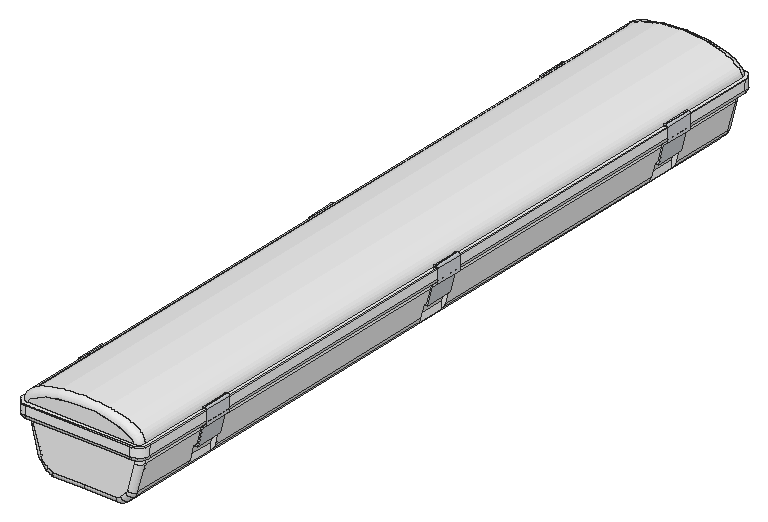
Revit family "0048772 Feilo Sylvania Lighting Fixture HYDROPROOF LED G3 600MM T 4K D", category Lighting Fixtures, host Face, Revit 2016
Family settings
  Host = Face
  Part Type = Normal
  Round Connector Dimension = Use Diameter
  OmniClass Number = 23.80.70.11.14
  OmniClass Title = General Luminaries, Directional
  Cut with Voids When Loaded = No
  Light Source = Yes
  Shared = No
  Room Calculation Point = No
Parameters (values of type "0048772 HYDROPROOF LED G3 600MM T 4K D")
  Width = 110 mm
  Weight = "1.18 kg"
  Wattage Comments = "n/a"
  Wattage = 19 W
  WarrantyStartDate [instance] = "n/a"
  WarrantyGuarantorParts = "n/a"
  WarrantyDurationUnit = "n/a"
  WarrantyDurationParts = "n/a"
  WarrantyDescription = "n/a"
  built-in parameter 1150110 = 1 (stored number, unit not read)
  Voltage = 230 V
  URL = "http://www.sylvania-lighting.com"
  TypeName = "HYDROPROOF LED G3 600MM T 4K D"
  Type Image = <None>
  Type Comments = "n/a"
  built-in parameter 1114217 = 1 (stored number, unit not read)
  Tilt Angle = -90.00°
  built-in parameter 1150109 = 1 (stored number, unit not read)
  built-in parameter 1150134 = 12
  built-in parameter 1150113 = 1 (stored number, unit not read)
  SerialNumber [instance] = "n/a"
  ReflectorMaterial = none
  PowerFactor = 0
  PowerConsumption = "19 W"
  Photometric Web File = "0048772.ies"
  NominalWidth = 0 mm
  NominalLength = 665 mm
  NominalHeight = 78 mm
  Name = "HYDROPROOF LED G3 600MM T 4K D"
  ModelReference = "HYDROPROOF LED G3 600MM T 4K D"
  ModelNumber = "0048772"
  Model = "HYDROPROOF LED G3 600MM T 4K D"
  Material = "grp housing, pmma diffuser"
  ManufacturerName = "Feilo Sylvania"
  Manufacturer = "Feilo Sylvania"
  LuminousEfficacy = "145 lm/W"
  built-in parameter 1150105 = 219.24 (stored number, unit not read)
  Lumens = 2755 lm
  LuminaireType = ""
  built-in parameter 1150115 = 1 (stored number, unit not read)
  LightOutputRatio = "n/a"
  built-in parameter 1150137 = (empty or 0)
  built-in parameter 1150139 = (empty or 0)
  Length = 665 mm
  LampsType = Lamp  # "LED"
  LampNominalLuminous = "2800 lm"
  LampMacAdamStep = "3"
  LampColourTemperature = "4000 K"
  LampColourRenderingIndex = "80"
  built-in parameter 1150112 = 1 (stored number, unit not read)
  built-in parameter 1150114 = 1 (stored number, unit not read)
  Lamp = "LED"
  Keynote = "16500"
  InstallationDate [instance] = "n/a"
  InputVoltage = "220-240V~"
  InputNominalFrequency = "DC/50/60 Hz"
  built-in parameter 1150132 = (empty or 0)
  built-in parameter 1150102 = (empty or 0)
  built-in parameter 1150107 = 4000 (stored number, unit not read)
  built-in parameter 1150138 = (empty or 0)
  IngressProtection = "IP65"
  ImpactProtectionIndex = "IK02"
  built-in parameter 1150106 = 2.1924 (stored number, unit not read)
  IfcExportType = "IfcLightFixtureType"
  IfcExportAs = "IfcLightFixtureType"
  ExpectedLife = 50000
  Emit from Rectangle Width = Width - 20 mm  # 90 mm
  Emit from Rectangle Length = Length - 20 mm  # 645 mm
  Emit Shape Visible in Rendering = no
  ElectricShockClassification = "Class I"
  built-in parameter 1150104 = 13.471 (stored number, unit not read)
  DurationUnit = "hours"
  DocumentationLiterature = "http://www.sylvania-lighting.com/product/en-int/products/0048772"
  DimmingControlOptions = "Dimmable"
  Dimming Lamp Color Temperature Shift = <None>
  DiffuserMaterial = Diffuser-Sylvania-Transparent
  Description = "Hydroproof, integrated LED chemical resistant weatherproof luminaire, with UV stabilized flat diffuser and linear prisms designed to achieve uniform lit appearance, optimise light output and to reduce glare, stainless steel diffuser clips and fixing brackets for surface and wall mounting. L 665 mm x W 110 mm x H 78 mm size, GRP housing, PMMA diffuser, DALI dimmable, 4000K, CRI80,  2800 lm, 19 W, 145 lm/W, nominal average life (h):50000, energy class: A++ A+ A Class I,IK02, IP65."
  Default Elevation = 1219.2 mm
  CreatedOn = "3/27/2018"
  CreatedBy = "aron.fodor@feilosylvania.com"
  Cost = 0
  Color Filter = 16777215
  built-in parameter 1114216 [instance] = (empty or 0)
  ClassificationValue = "EF_70_80"
  ClassificationName = "Uniclass2015"
  BracketOffset_FEILO = 360 mm
  BodyMaterial = Body-Sylvania-Gray
  BarCode [instance] = "n/a"
  built-in parameter 1114218 = 1 (stored number, unit not read)
  built-in parameter 1150133 = 10 (stored number, unit not read)
  AssetType = "Fixed"
  AssetIdentifier [instance] = "n/a"
  Assembly Code = "D5020200"
  Apparent Load = 19 VA
  AccessoryMaterial = Diffuser-Sylvania-Glow
Reference planes
  plane 1 "Center (Front/Back)": y = 0
  plane 2: z = 0
  plane 3 "Center (Left/Right)": x = 0
  plane 4: z = 54
  plane 5: x = -27.7
  plane 6: x = -34.8
  plane 7: x = -39.6
  plane 8: x = -42.2
  plane 9: z = 3
  plane 10: z = 7.8
  plane 11: z = 12.3
  plane 12: z = 36.6
  plane 13: z = 42.8
  plane 14: x = -51.1
  plane 15: z = 46.2
  plane 16: x = -55
  plane 17: y = 332.5
  plane 18: y = -332.5
  plane 19: x = 27.7
  plane 20: x = 34.8
  plane 21: x = 39.6
  plane 22: x = 42.2
  plane 23: x = 51.1
  plane 24: x = 55
  plane 25: y = 324.9
  plane 26: y = -324.9
  plane 27: y = -321.2
  plane 28: y = 321.2
  plane 29: z = 74
  plane 30: x = -51.5
  plane 31: x = 51.5
  plane 32: z = 55.2
  plane 33: y = -329
  plane 34: y = 329
  plane 35: x = -37.5
  plane 36: x = 37.5
  plane 37: x = -48.7
  plane 38: x = 48.7
  plane 39: x = 18
  plane 40: x = -18
  plane 41: z = 50.2
  plane 42: z = 24.6
  plane 43: y = 720
  plane 44: y = 706
  plane 45: y = 734
  plane 46: y = 250
  plane 47: y = 236
  plane 48: y = 264
  plane 49: y = 0
  plane 50: y = -14
  plane 51: y = 14
  plane 52: y = -250
  plane 53: y = -264
  plane 54: y = -236
Forms (mm)
  Sweep 1, solid, material "Body-Sylvania-Gray" <- "BodyMaterial", detail levels medium+fine
    path origin (1223.4, -4572, 54) x (0, -1, 0) y (1, 0, 0)
      loop
        arc (-4249.5, -1278.4) -> (-4242.429, -1275.471) -> (-4239.5, -1268.4) r 10
        line (-4239.5, -1268.4) -> (-4239.5, -1178.4)
        arc (-4239.5, -1178.4) -> (-4242.429, -1171.329) -> (-4249.5, -1168.4) r 10
        line (-4249.5, -1168.4) -> (-4894.5, -1168.4)
        arc (-4894.5, -1168.4) -> (-4901.571, -1171.329) -> (-4904.5, -1178.4) r 10
        line (-4904.5, -1178.4) -> (-4904.5, -1268.4)
        arc (-4904.5, -1268.4) -> (-4901.571, -1275.471) -> (-4894.5, -1278.4) r 10
        line (-4894.5, -1278.4) -> (-4249.5, -1278.4)
    profile origin (-55, 0, 54) x (-1, 0, 0) y (0, 0, 1)
      loop
        line (0, 0) -> (-1, 0) -> (-1, -7.726)
        arc (-1, -7.726) -> (-1.994, -9.498) -> (-3.9, -10.2) r 2.937
        line (-3.9, -10.2) -> (-8.571, -10.2) -> (-8.571, -11.2) -> (-3.9, -11.2)
        arc (-3.9, -11.2) -> (-1.313, -10.231) -> (0, -7.8) r 3.937
        line (0, -7.8) -> (0, 0)
  Sweep 2, solid, material "Body-Sylvania-Gray" <- "BodyMaterial", detail levels medium+fine
    path origin (0, 0, 0) x (1, 0, 0) y (0, 0, 1)
      loop
        line (48.7, 42.8) -> (48.7, 36.6) -> (42.203, 12.31)
        arc (42.203, 12.31) -> (41.199, 9.884) -> (39.6, 7.8) r 10.052
        line (39.6, 7.8) -> (34.8, 3)
        arc (34.8, 3) -> (31.554, 0.781) -> (27.7, 0) r 9.902
        line (27.7, 0) -> (0, 0) -> (-27.7, 0)
        arc (-27.7, 0) -> (-31.554, 0.781) -> (-34.8, 3) r 9.902
        line (-34.8, 3) -> (-39.6, 7.8)
        arc (-39.6, 7.8) -> (-41.199, 9.884) -> (-42.203, 12.31) r 10.052
        line (-42.203, 12.31) -> (-48.7, 36.6) -> (-48.7, 42.8)
    profile origin (0, 0, 0) x (0, 0, -1) y (0, -1, 0)
      loop
        arc (0, 319.9) -> (-1.464, 323.436) -> (-5, 324.9) r 5
        line (-5, 324.9) -> (-7.8, 324.9) -> (-7.8, -324.9) -> (-5, -324.9)
        arc (-5, -324.9) -> (-1.464, -323.436) -> (0, -319.9) r 5
        line (0, -319.9) -> (0, 319.9)
  Extrusion 3, solid, material "Body-Sylvania-Gray" <- "BodyMaterial", detail levels medium+fine
    sketch origin (1524, 324.9, 1219.2) x (1, 0, 0) y (0, 0, 1)
      loop
        arc (-1558.668, -1204.874) -> (-1558.443, -1205.418) -> (-1558.085, -1205.885) r 2.252
        line (-1558.085, -1205.885) -> (-1553.231, -1210.738)
        arc (-1553.231, -1210.738) -> (-1552.534, -1211.227) -> (-1551.7, -1211.4) r 2.102
        line (-1551.7, -1211.4) -> (-1496.3, -1211.4)
        arc (-1496.3, -1211.4) -> (-1495.466, -1211.227) -> (-1494.769, -1210.738) r 2.102
        line (-1494.769, -1210.738) -> (-1489.915, -1205.885)
        arc (-1489.915, -1205.885) -> (-1489.557, -1205.418) -> (-1489.332, -1204.874) r 2.252
        line (-1489.332, -1204.874) -> (-1483.1, -1181.575) -> (-1483.1, -1176.4) -> (-1564.9, -1176.4) -> (-1564.9, -1181.575) -> (-1558.668, -1204.874)
    from 0 to 649.8
  Sweep 4, solid, material "Diffuser-Sylvania-Transparent" <- "DiffuserMaterial", detail levels medium+fine
    path origin (0, 0, 0) x (1, 0, 0) y (0, 0, 1)
      loop
        spline (-51.5, 55.2) -> (-49.745, 60.066) -> (-44.6, 64.6) -> (-36.416, 68.494) -> (-25.75, 71.481) -> (-13.329, 73.359) -> (0, 74) -> (13.329, 73.359) -> (25.75, 71.481) -> (36.416, 68.494) -> (44.6, 64.6) -> (49.745, 60.066) -> (51.5, 55.2)
    profile origin (51.5, 0, 55.2) x (0, -1, 0) y (1, 0, 0)
      loop
        arc (329, -5.5) -> (327.389, -1.611) -> (323.5, 0) r 5.5
        line (323.5, 0) -> (-323.5, 0)
        arc (-323.5, 0) -> (-327.389, -1.611) -> (-329, -5.5) r 5.5
        line (-329, -5.5) -> (-329, -6.3) -> (-328, -6.3) -> (-328, -5.5)
        arc (-328, -5.5) -> (-326.682, -2.318) -> (-323.5, -1) r 4.5
        line (-323.5, -1) -> (323.5, -1)
        arc (323.5, -1) -> (326.682, -2.318) -> (328, -5.5) r 4.5
        line (328, -5.5) -> (328, -6.347) -> (329, -6.347) -> (329, -5.5)
  Extrusion 5, solid, material "Diffuser-Sylvania-Transparent" <- "DiffuserMaterial", detail levels medium+fine
    sketch origin (1524, -329, 1219.2) x (1, 0, 0) y (0, 0, 1)
      loop
        line (-1569.653, -1164) -> (-1478.347, -1164)
        spline (-1478.347, -1164) -> (-1478.969, -1162.594) -> (-1482.527, -1159.545) -> (-1489.588, -1156.201) -> (-1499.458, -1153.445) -> (-1511.242, -1151.663) -> (-1524, -1151.049) -> (-1536.758, -1151.663) -> (-1548.542, -1153.445) -> (-1558.412, -1156.201) -> (-1565.473, -1159.545) -> (-1569.031, -1162.594) -> (-1569.653, -1164)
    from 0 to -1
  Extrusion 6, solid, material "Diffuser-Sylvania-Transparent" <- "DiffuserMaterial", detail levels medium+fine
    sketch origin (1524, 329, 1219.2) x (1, 0, 0) y (0, 0, 1)
      loop
        spline (-1478.3, -1164) -> (-1478.931, -1162.565) -> (-1482.502, -1159.505) -> (-1489.572, -1156.155) -> (-1499.446, -1153.394) -> (-1511.236, -1151.614) -> (-1524, -1151.007) -> (-1536.764, -1151.614) -> (-1548.554, -1153.394) -> (-1558.428, -1156.155) -> (-1565.498, -1159.505) -> (-1569.069, -1162.565) -> (-1569.7, -1164)
        line (-1569.7, -1164) -> (-1478.3, -1164)
    from 0 to 1
  Extrusion 7, solid, material "Diffuser-Sylvania-Transparent" <- "DiffuserMaterial", detail levels medium+fine
    sketch origin (1223.4, -4572, 55.2) x (0, -1, 0) y (-1, 0, 0)
      loop
        arc (-4900, 1177.4) -> (-4898.682, 1174.218) -> (-4895.5, 1172.9) r 4.5
        line (-4895.5, 1172.9) -> (-4248.5, 1172.9)
        arc (-4248.5, 1172.9) -> (-4245.318, 1174.218) -> (-4244, 1177.4) r 4.5
        line (-4244, 1177.4) -> (-4244, 1269.4)
        arc (-4244, 1269.4) -> (-4245.318, 1272.582) -> (-4248.5, 1273.9) r 4.5
        line (-4248.5, 1273.9) -> (-4895.5, 1273.9)
        arc (-4895.5, 1273.9) -> (-4898.682, 1272.582) -> (-4900, 1269.4) r 4.5
        line (-4900, 1269.4) -> (-4900, 1177.4)
      loop
        line (-4904.5, 1268.4) -> (-4904.5, 1178.4)
        arc (-4904.5, 1178.4) -> (-4901.571, 1171.329) -> (-4894.5, 1168.4) r 10
        line (-4894.5, 1168.4) -> (-4249.5, 1168.4)
        arc (-4249.5, 1168.4) -> (-4242.429, 1171.329) -> (-4239.5, 1178.4) r 10
        line (-4239.5, 1178.4) -> (-4239.5, 1268.4)
        arc (-4239.5, 1268.4) -> (-4242.429, 1275.471) -> (-4249.5, 1278.4) r 10
        line (-4249.5, 1278.4) -> (-4894.5, 1278.4)
        arc (-4894.5, 1278.4) -> (-4901.571, 1275.471) -> (-4904.5, 1268.4) r 10
    from 0 to 1.2
  Extrusion 8, solid, material "Diffuser-Sylvania-Glow" <- "AccessoryMaterial", detail levels fine
    sketch origin (0, 0, 0) x (1, 0, 0) y (0, 0, 1)
      loop
        circle (-18, 50.2) r 8
      loop
        circle (18, 50.2) r 8
    from -321.2 to 321.2
  Extrusion 9, solid, material "Body-Sylvania-Gray" <- "BodyMaterial", detail levels coarse
    sketch origin (0, 0, 0) x (1, 0, 0) y (0, 0, 1)
      loop
        line (55, 42.8) -> (55, 55.2) -> (-55, 55.2) -> (-55, 42.791) -> (-42.2, 0) -> (42.2, 0) -> (55, 42.8)
    from -332.5 to 332.5
  Extrusion 10, solid, material "Diffuser-Sylvania-Transparent" <- "DiffuserMaterial", detail levels coarse
    sketch origin (0, 0, 0) x (1, 0, 0) y (0, 0, 1)
      loop
        arc (51.5, 55.2) -> (0, 74) -> (-51.5, 55.2) r 79.939
        line (-51.5, 55.2) -> (51.5, 55.2)
    from 324.9 to -324.9
  Extrusion 11, void, not visible
    sketch origin (0, 720, 2343.807) x (0, 0, -1) y (-1, 0, 0)
      loop
        line (2340.807, -37.5) -> (2331.507, -37.5) -> (2319.207, -42.2) -> (2319.207, -48.7) -> (2340.807, -48.7) -> (2340.807, -37.5)
      loop
        line (2340.807, 37.5) -> (2340.807, 48.7) -> (2319.207, 48.7) -> (2319.207, 42.2) -> (2331.507, 37.5) -> (2340.807, 37.5)
    from -14 to 14
  Extrusion 12, void
    sketch origin (0, 250, 2343.807) x (0, 0, -1) y (-1, 0, 0)
      loop
        line (2340.807, -37.5) -> (2331.507, -37.5) -> (2319.207, -42.2) -> (2319.207, -48.7) -> (2340.807, -48.7) -> (2340.807, -37.5)
      loop
        line (2340.807, 37.5) -> (2340.807, 48.7) -> (2319.207, 48.7) -> (2319.207, 42.2) -> (2331.507, 37.5) -> (2340.807, 37.5)
    from -14 to 14
  Extrusion 13, void
    sketch origin (0, 0, 2343.807) x (0, 0, -1) y (-1, 0, 0)
      loop
        line (2340.807, -37.5) -> (2331.507, -37.5) -> (2319.207, -42.2) -> (2319.207, -48.7) -> (2340.807, -48.7) -> (2340.807, -37.5)
      loop
        line (2340.807, 37.5) -> (2340.807, 48.7) -> (2319.207, 48.7) -> (2319.207, 42.2) -> (2331.507, 37.5) -> (2340.807, 37.5)
    from -14 to 14
  Extrusion 14, void
    sketch origin (0, -250, 2343.807) x (0, 0, -1) y (-1, 0, 0)
      loop
        line (2340.807, -37.5) -> (2331.507, -37.5) -> (2319.207, -42.2) -> (2319.207, -48.7) -> (2340.807, -48.7) -> (2340.807, -37.5)
      loop
        line (2340.807, 37.5) -> (2340.807, 48.7) -> (2319.207, 48.7) -> (2319.207, 42.2) -> (2331.507, 37.5) -> (2340.807, 37.5)
    from -14 to 14
Cuts and joins
  Extrusion 12, Extrusion 13, Extrusion 14 cuts Sweep 2
  Extrusion 12, Extrusion 13, Extrusion 14 cuts Extrusion 3
  joined: Sweep 2, Extrusion 3
  joined: Sweep 4, Extrusion 5, Extrusion 6
Dimensions and locks
  locked: plane 4 to plane 2 at 54
  plane 5 to plane 6 to plane 7 to plane 8 to plane 14 to plane 16 = 7.1 mm locked, 4.8 mm locked, 2.6 mm locked, 8.9 mm, 3.9 mm
  plane 4 to plane 15 to plane 13 to plane 12 to plane 11 to plane 10 to plane 9 = 7.8 mm locked, 3.4 mm, 6.2 mm locked, 24.3 mm locked, 4.5 mm locked, 4.8 mm locked
  equal spacing: plane 18, plane 1 "Center (Front/Back)", plane 17
  "Length": plane 18 to plane 17
  plane 19 to plane 20 to plane 21 to plane 22 to plane 23 to plane 24 = 7.1 mm locked, 4.8 mm locked, 2.6 mm locked, 8.9 mm, 3.9 mm
  equal spacing: plane 24, plane 3 "Center (Left/Right)", plane 16
  "Width": plane 24 to plane 16
  equal spacing: plane 27, plane 1 "Center (Front/Back)", plane 28
  locked: plane 26 to plane 27 at 3.7
  locked: Sweep 1 sketch curve to profile plane at 1
  locked: Sweep 1 sketch curve to plane 13 at 1
  locked: Sweep 1 sketch curve to plane 13 at 3.937  (x2)
  locked: Sweep 1 sketch curve to profile plane at 3.9  (x2)
  locked: plane 29 to plane 4 at 20
  equal spacing: plane 31, plane 3 "Center (Left/Right)", plane 30
  locked: plane 30 to plane 16 at 3.5
  locked: plane 32 to plane 4 at 1.2
  equal spacing: plane 33, plane 1 "Center (Front/Back)", plane 34
  equal spacing: plane 36, plane 3 "Center (Left/Right)", plane 35
  locked: plane 3 "Center (Left/Right)" to plane 35 at 37.5
  locked: plane 34 to plane 17 at 3.5
  equal spacing: plane 38, plane 3 "Center (Left/Right)", plane 37
  locked: plane 37 to plane 16 at 6.3
  equal spacing: plane 25, plane 1 "Center (Front/Back)", plane 26
  locked: plane 17 to plane 25 at 7.6
  locked: Sweep 2 sketch curve to plane 2 at 5  (x2)
  locked: Sweep 2 sketch curve to plane 26 at 5
  locked: plane 25 to Sweep 2 sketch curve at 5
  locked: Sweep 4 sketch curve to plane 31 at 5.5  (x2)
  locked: Sweep 4 sketch curve to plane 34 at 5.5
  plane 33 to Sweep 4 sketch curve = 5.5 mm
  locked: plane 34 to Sweep 4 sketch curve at 1
  locked: Sweep 4 sketch curve to plane 31 at 1
  locked: Sweep 4 sketch curve to Sweep 4 sketch curve at 1
  locked: Sweep 4 sketch curve to plane 31 at 6.347
  locked: Sweep 4 sketch curve to plane 31 at 6.3
  equal spacing: plane 39, plane 3 "Center (Left/Right)", plane 40
  locked: plane 3 "Center (Left/Right)" to plane 40 at 18
  locked: plane 42 to plane 2 at 24.6
  plane 45 to plane 43 to plane 44 = 14 mm locked, 14 mm locked
  plane 48 to plane 46 to plane 47 = 14 mm locked, 14 mm locked
  plane 51 to plane 49 to plane 50 = 14 mm locked, 14 mm locked
  plane 54 to plane 52 to plane 53 = 14 mm locked, 14 mm locked
  equal spacing: plane 46, plane 1 "Center (Front/Back)", plane 52
  locked: plane 46 to plane 1 "Center (Front/Back)" at 250
  aligned and locked: plane 2 to host face
  aligned and locked: level to host face
  aligned and locked: plane 16 to Sweep 1 sketch curve
  aligned and locked: Sweep 1 sketch curve to plane 24
  aligned and locked: plane 18 to Sweep 1 sketch curve
  aligned and locked: Sweep 1 sketch curve to plane 13
  aligned and locked: profile plane to Sweep 1 sketch curve
  aligned and locked: plane 3 "Center (Left/Right)" to Sweep 2 sketch curve
  aligned and locked: plane 9 to Sweep 2 sketch curve
  aligned and locked: plane 10 to Sweep 2 sketch curve
  aligned and locked: plane 37 to Sweep 2 sketch curve
  aligned and locked: plane 12 to Sweep 2 sketch curve
  aligned and locked: Sweep 2 sketch curve to level
  aligned and locked: plane 21 to Sweep 2 sketch curve
  aligned and locked: plane 38 to Sweep 2 sketch curve
  aligned and locked: profile plane to Sweep 2 sketch curve
  aligned and locked: plane 25 to Sweep 2 sketch curve
  aligned and locked: Sweep 2 sketch curve to plane 10
  aligned and locked: Extrusion 3 sketch curve to Sweep 2  (x7)
  aligned and locked: Sweep 2 to Extrusion 3 sketch curve
  aligned and locked: Extrusion 3 to plane 25
  aligned and locked: plane 26 to Extrusion 3
  aligned and locked: plane 32 to Sweep 4 sketch curve
  aligned and locked: plane 33 to Sweep 4 sketch curve
  aligned and locked: Sweep 4 to Extrusion 5
  aligned and locked: plane 33 to Extrusion 5
  aligned and locked: Extrusion 5 sketch curve to Sweep 4
  aligned and locked: cut or joined group of Sweep 4, Extrusion 5, Extrusion 6 to Extrusion 6 sketch curve
  aligned and locked: Extrusion 7 sketch curve to cut or joined group of Sweep 4, Extrusion 5, Extrusion 6  (x2)
  aligned and locked: cut or joined group of Sweep 4, Extrusion 5, Extrusion 6 to Extrusion 7 sketch curve  (x2)
  aligned and locked: plane 41 to Extrusion 8 sketch curve  (x2)
  aligned and locked: plane 39 to Extrusion 8 sketch curve
  aligned and locked: plane 27 to Extrusion 8
  aligned and locked: Extrusion 8 to plane 28
  aligned and locked: Extrusion 7 sketch curve to Sweep 1  (x4)
  aligned and locked: plane 4 to Extrusion 7
  aligned and locked: Extrusion 7 to plane 32
  aligned and locked: Extrusion 9 sketch curve to plane 24
  aligned and locked: Extrusion 9 sketch curve to Extrusion 7
  aligned and locked: plane 8 to Extrusion 9 sketch curve
  aligned and locked: plane 22 to Extrusion 9 sketch curve
  aligned and locked: level to Extrusion 9 sketch curve
  aligned and locked: Extrusion 9 to plane 17
  aligned and locked: plane 18 to Extrusion 9
  aligned and locked: cut or joined group of Sweep 4, Extrusion 5, Extrusion 6 to Extrusion 10 sketch curve
  aligned and locked: Extrusion 10 sketch curve to cut or joined group of Sweep 4, Extrusion 5, Extrusion 6  (x2)
  aligned and locked: plane 31 to Extrusion 10 sketch curve
  aligned and locked: plane 30 to Extrusion 10 sketch curve
  aligned and locked: plane 26 to Extrusion 10
  aligned and locked: Extrusion 10 to plane 25
  aligned and locked: imposter light to plane 29
  aligned and locked: plane 3 "Center (Left/Right)" to imposter light
  aligned and locked: plane 1 "Center (Front/Back)" to imposter light
  aligned and locked: plane 47 to Extrusion 12
  aligned and locked: Extrusion 12 to plane 48
  aligned and locked: plane 50 to Extrusion 13
  aligned and locked: Extrusion 13 to plane 51
  aligned and locked: plane 53 to Extrusion 14
  aligned and locked: Extrusion 14 to plane 54
  aligned and locked: nested 1 to plane 46
  aligned and locked: plane 46 to nested 6
  aligned and locked: nested 2 to plane 49
  aligned and locked: plane 49 to nested 5
  aligned and locked: nested 3 to plane 52
  aligned and locked: plane 52 to nested 4
  aligned and locked: plane 49 to plane 1 "Center (Front/Back)"
Automatic sketch dimensions
  host sketch curve to host sketch curve = 2438.4 mm  (x2)
  plane 17 to Sweep 1 sketch curve = 0 mm
  Sweep 1 sketch curve to plane 28 = 1.3 mm
  Sweep 1 sketch curve to plane 7 = 5.4 mm
  plane 27 to Sweep 1 sketch curve = 1.3 mm  (x2)
  Sweep 1 sketch curve to Sweep 1 sketch curve = 4.671 mm
  Sweep 1 sketch curve to plane 4 = 0 mm
  Sweep 2 sketch curve to plane 7 = 0 mm
  Sweep 2 sketch curve to plane 6 = 0 mm
  Sweep 2 sketch curve to plane 5 = 0 mm
  plane 19 to Sweep 2 sketch curve = 0 mm
  Sweep 2 sketch curve to plane 9 = 0 mm
  plane 20 to Sweep 2 sketch curve = 0 mm
  Sweep 2 sketch curve to plane 12 = 0 mm
  Sweep 2 sketch curve to plane 10 = 0 mm
  Sweep 2 sketch curve to plane 13 = 0 mm  (x2)
  Sweep 2 sketch curve to plane 8 = 0.003 mm
  plane 6 to Sweep 2 sketch curve = 2.308 mm
  plane 20 to Sweep 2 sketch curve = 2.308 mm
  Sweep 2 sketch curve to plane 22 = 0.003 mm
  Sweep 2 sketch curve to plane 11 = 0.01 mm  (x2)
  Extrusion 3 sketch curve to plane 5 = 0 mm
  plane 19 to Extrusion 3 sketch curve = 0 mm
  plane 6 to Extrusion 3 sketch curve = 0.132 mm
  plane 6 to Extrusion 3 sketch curve = 0.715 mm
  Extrusion 3 sketch curve to Extrusion 3 sketch curve = 1.592 mm
  Extrusion 3 sketch curve to plane 10 = 0.662 mm  (x2)
  plane 20 to Extrusion 3 sketch curve = 2.308 mm
  plane 20 to Extrusion 3 sketch curve = 0.715 mm
  plane 20 to Extrusion 3 sketch curve = 0.132 mm
  Sweep 4 sketch curve to plane 30 = 0 mm
  Sweep 4 sketch curve to plane 3 "Center (Left/Right)" = 0 mm
  Sweep 4 sketch curve to Sweep 4 sketch curve = 0 mm  (x2)
  plane 37 to Extrusion 5 sketch curve = 3.047 mm
  Extrusion 5 sketch curve to plane 38 = 3.047 mm
  plane 37 to Extrusion 6 sketch curve = 3 mm
  Extrusion 6 sketch curve to plane 38 = 3 mm
  plane 25 to Extrusion 7 sketch curve = 1.4 mm  (x2)
  Extrusion 7 sketch curve to plane 26 = 1.4 mm  (x2)
  Extrusion 8 sketch curve to plane 40 = 0 mm
  Extrusion 9 sketch curve to plane 13 = 0 mm
  plane 13 to Extrusion 9 sketch curve = 0.009 mm
  Extrusion 10 sketch curve to level = 5.939 mm
  Extrusion 9 sketch curve to plane 16 = 0 mm
  Extrusion 11 sketch curve to Extrusion 11 sketch curve = 0 mm
  Extrusion 11 sketch curve to Extrusion 11 sketch curve = 12.3 mm  (x2)
  Extrusion 11 sketch curve to Extrusion 11 sketch curve = 9.3 mm  (x2)
  Extrusion 11 sketch curve to Extrusion 11 sketch curve = 6.5 mm
  Extrusion 11 sketch curve to Extrusion 11 sketch curve = 4.7 mm  (x2)
  Extrusion 11 sketch curve to Extrusion 11 sketch curve = 75 mm
  Extrusion 11 sketch curve to Extrusion 11 sketch curve = 11.2 mm
  Extrusion 12 sketch curve to Extrusion 12 sketch curve = 0 mm
  Extrusion 12 sketch curve to Extrusion 12 sketch curve = 12.3 mm  (x2)
  Extrusion 12 sketch curve to Extrusion 12 sketch curve = 9.3 mm  (x2)
  Extrusion 12 sketch curve to Extrusion 12 sketch curve = 6.5 mm
  Extrusion 12 sketch curve to Extrusion 12 sketch curve = 4.7 mm  (x2)
  Extrusion 12 sketch curve to Extrusion 12 sketch curve = 75 mm
  Extrusion 12 sketch curve to Extrusion 12 sketch curve = 11.2 mm
  Extrusion 13 sketch curve to Extrusion 13 sketch curve = 0 mm
  Extrusion 13 sketch curve to Extrusion 13 sketch curve = 12.3 mm  (x2)
  Extrusion 13 sketch curve to Extrusion 13 sketch curve = 9.3 mm  (x2)
  Extrusion 13 sketch curve to Extrusion 13 sketch curve = 6.5 mm
  Extrusion 13 sketch curve to Extrusion 13 sketch curve = 4.7 mm  (x2)
  Extrusion 13 sketch curve to Extrusion 13 sketch curve = 75 mm
  Extrusion 13 sketch curve to Extrusion 13 sketch curve = 11.2 mm
  Extrusion 14 sketch curve to Extrusion 14 sketch curve = 0 mm
  Extrusion 14 sketch curve to Extrusion 14 sketch curve = 12.3 mm  (x2)
  Extrusion 14 sketch curve to Extrusion 14 sketch curve = 9.3 mm  (x2)
  Extrusion 14 sketch curve to Extrusion 14 sketch curve = 6.5 mm
  Extrusion 14 sketch curve to Extrusion 14 sketch curve = 4.7 mm  (x2)
  Extrusion 14 sketch curve to Extrusion 14 sketch curve = 75 mm
  Extrusion 14 sketch curve to Extrusion 14 sketch curve = 11.2 mm
  radius of Extrusion 8 sketch curve = 8 mm  (x2)
Nested families
  nested 1: "Clip" at (-42.2, 250, 24.6) x (-1, 0, 0) z (0, 0, 1), type "Clip", detail levels fine
  nested 2: "Clip" at (-42.2, 0, 24.6) x (-1, 0, 0) z (0, 0, 1), type "Clip", detail levels fine
  nested 3: "Clip" at (-42.2, -250, 24.6) x (-1, 0, 0) z (0, 0, 1), type "Clip", detail levels fine
  nested 4: "Clip" at (42.2, -250, 24.6), type "Clip", detail levels fine
  nested 5: "Clip" at (42.2, 0, 24.6), type "Clip", detail levels fine
  nested 6: "Clip" at (42.2, 250, 24.6), type "Clip", detail levels fine
Connectors
  electrical at (0, 0, 0), driven by "Apparent Load"
    settings: index 1, voltage 230 V, apparent load 19 VA, apparent load phase1 0 VA, apparent load phase2 0 VA, apparent load phase3 0 VA, power factor 0, load classification "Lighting", number of poles 1, system type 30, power factor state 1, is connector primary yes, connector utility no, sub classification motor no, connector description ""
Definition of nested family "Clip"
  Parameters (values of type "Clip")
    URL = "http://www.feilosylvania.com"
    Type Comments = "n/a"
    Model = "n/a"
    Manufacturer = "Feilo Sylvania"
    Keynote = "n/a"
    Description = "n/a"
    Default Elevation = 1219.2 mm
    Cost = 0
    BodyMaterial = none
    Assembly Code = "n/a"
  Reference planes
    plane 1 "Center (Front/Back)": y = 0
    plane 2: z = 0
    plane 3 "Center (Left/Right)": x = 0
    plane 4: x = 3.3
    plane 5: x = 6.5
    plane 6: x = 8.9
    plane 7: x = 12.8
    plane 8: z = 12
    plane 9: z = 18.2
    plane 10: z = 21.6
    plane 11: z = 30.6
    plane 12: x = 9.3
    plane 13: z = 19.2
    plane 14: z = 16.2
    plane 15: x = 10.1
    plane 16: y = 12
    plane 17: y = -12
  Forms (mm)
    Extrusion 1, solid
      sketch origin (-0.8, 0, 0) x (1, 0, 0) y (0, 1, 0)
        loop
          line (-1219.2, 1219.2) -> (-1219.2, -1219.2) -> (1219.2, -1219.2) -> (1219.2, 1219.2) -> (-1219.2, 1219.2)
      from 0 to -304.8
    Extrusion 2, solid
      sketch origin (0, 0, 0) x (1, 0, 0) y (0, 0, 1)
        loop
          line (8.9, 16.2) -> (4.58, 0) -> (0, 0) -> (0, -0.8) -> (5.195, -0.8) -> (9.603, 15.731) -> (13.6, 18.806) -> (13.6, 30.6)
          arc (13.6, 30.6) -> (11.45, 32.75) -> (9.3, 30.6) r 2.15
          line (9.3, 30.6) -> (10.1, 30.6)
          arc (10.1, 30.6) -> (11.45, 31.95) -> (12.8, 30.6) r 1.35
          line (12.8, 30.6) -> (12.8, 19.2) -> (8.9, 16.2)
      from -12 to 12
  Lines and regions (mm)
    reference lines
      curve 1: line (3.3, 0, 0) -> (6.5, 0, 12)
      curve 2: arc (8.9, 0, 18.2) -> (11.488, 0, 19.169) -> (12.8, 0, 21.6) r 3.934
  Dimensions and locks
    plane 7 to plane 6 to plane 5 to plane 4 to plane 3 "Center (Left/Right)" = 3.9 mm locked, 2.4 mm locked, 3.2 mm locked, 3.3 mm locked
    plane 11 to plane 10 to plane 9 to plane 8 to plane 2 = 9 mm locked, 3.4 mm locked, 6.2 mm locked, 12 mm locked
    locked: plane 7 to plane 12 at 3.5
    locked: plane 13 to plane 9 at 1
    locked: plane 9 to plane 14 at 2
    locked: plane 15 to plane 12 at 0.8
    locked: plane 2 to Extrusion 2 sketch curve at 0.8
    locked: Extrusion 2 sketch curve to Extrusion 2 sketch curve at 0.8  (x3)
    locked: plane 7 to Extrusion 2 sketch curve at 1.35
    equal spacing: plane 17, plane 1 "Center (Front/Back)", plane 16
    locked: plane 1 "Center (Front/Back)" to plane 16 at 12
    aligned and locked: plane 2 to Extrusion 1
    aligned and locked: level to Extrusion 1
    aligned and locked: plane 4 to curve 1
    aligned and locked: plane 5 to curve 1
    aligned and locked: plane 6 to curve 2
    aligned and locked: plane 10 to curve 2
    aligned and locked: plane 14 to Extrusion 2 sketch curve
    aligned and locked: plane 13 to Extrusion 2 sketch curve
    aligned and locked: plane 7 to Extrusion 2 sketch curve
    aligned and locked: plane 3 "Center (Left/Right)" to Extrusion 2 sketch curve
    aligned and locked: Extrusion 2 sketch curve to level
    aligned and locked: Extrusion 2 sketch curve to plane 11
    aligned and locked: plane 11 to Extrusion 2 sketch curve
    aligned and locked: Extrusion 2 to plane 16
    aligned and locked: plane 17 to Extrusion 2
  Automatic sketch dimensions
    Extrusion 1 sketch curve to Extrusion 1 sketch curve = 2438.4 mm  (x2)
    curve 2 to plane 7 = 0 mm
    curve 1 to level = 0 mm
    curve 1 to plane 8 = 0 mm
    curve 2 to plane 9 = 0 mm
    plane 6 to curve 2 = 0.002 mm
    Extrusion 2 sketch curve to Extrusion 2 sketch curve = 0 mm
    Extrusion 2 sketch curve to plane 6 = 0 mm
    plane 4 to Extrusion 2 sketch curve = 1.28 mm
